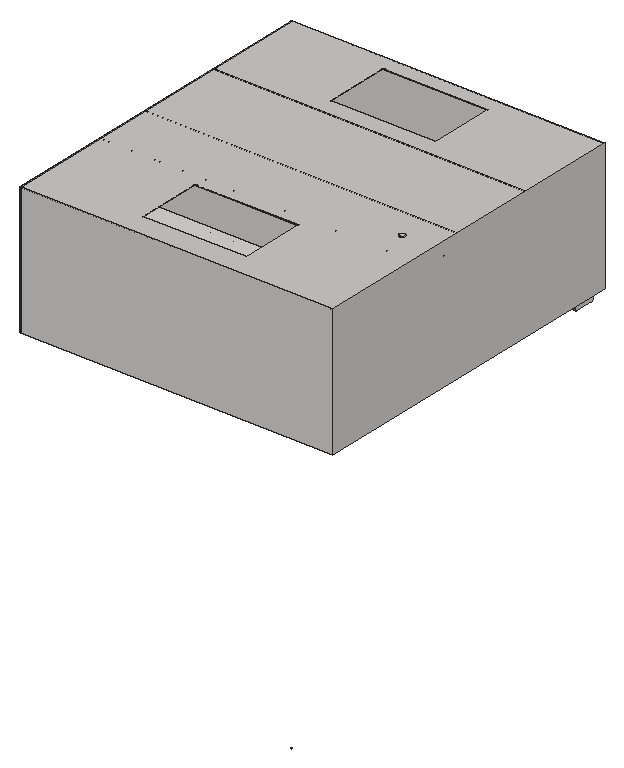
Revit family "QF_ELECTROLUXPROFESSIONAL_640227_STPF1312", category Specialty Equipment, Revit 2014
Reference planes
  plane 1: z = 0
  plane 2 "Center (Left/Right)": x = 150
  plane 3 "LEFT": x = -450
  plane 4 "RIGHT": x = 750
  plane 5 "BACK": y = 550
  plane 6 "TOP": z = 2500
  plane 7 "Base": z = 2000
  plane 8: z = 1955
  plane 9 "DrainY": y = 490
  plane 10: x = -447
  plane 11 "DrainX": x = 630
  plane 12 "AOLeft2": x = 350
  plane 13: x = 747
  plane 14: x = -250
  plane 15: x = 550
  plane 16 "Center (Front/Back)": y = -100
  plane 17 "Front": y = -750
  plane 18 "AOLeft1": x = -50
  plane 19: y = -664
  plane 20: y = -414
  plane 21: y = 240
  plane 22: y = 490
  plane 23 "EI_y": y = -270
  plane 24 "EIx": x = 630
Forms (mm)
  Extrusion 1, solid, material "QF_Finishes_Stainless Steel"
    sketch origin (-450, 0, 360) x (0, 1, 0) y (0, 0, 1)
      loop
        line (550, 1640) -> (550, 2140) -> (-750, 2140) -> (-750, 1640) -> (550, 1640)
    from 0 to 3
  Extrusion 2, solid, material "QF_Finishes_Stainless Steel"
    sketch origin (750, 0, 360) x (0, 1, 0) y (0, 0, 1)
      loop
        line (550, 1640) -> (550, 2140) -> (-750, 2140) -> (-750, 1640) -> (550, 1640)
    from 0 to -3
  Extrusion 3, solid, material "QF_Finishes_Stainless Steel"
    sketch origin (150, 0, 360) x (0, 1, 0) y (0, 0, 1)
      loop
        line (-750, 2140) -> (-750, 1640) -> (-740, 1640) -> (-740, 1640.8) -> (-749.2, 1640.8) -> (-749.2, 2139.19) -> (549.2, 2139.19) -> (549.2, 1640.8) -> (540, 1640.8) -> (540, 1640) -> (550, 1640) -> (550, 2140) -> (-750, 2140)
    from -600 to 600
  Extrusion 4, solid, material "QF_Finishes_Stainless Steel"
    sketch origin (0, 0, 2000) x (0, 1, 0) y (-1, 0, 0)
      loop
        circle (490, -630) r 4.763
    from -30 to 0
  Extrusion 5, void
    sketch origin (0, 0, 2500) x (0, 1, 0) y (-1, 0, 0)
      loop
        line (-414, -350) -> (-414, 50) -> (-664, 50) -> (-664, -350) -> (-414, -350)
    from 0 to -10
  Extrusion 6, solid, material "QF_Finishes_Stainless Steel"
    sketch origin (0, 0, 0) x (1, 0, 0) y (0, 1, 0)
      loop
        line (-450, 550) -> (-450, 549) -> (-449, 549) -> (-449, 550) -> (-450, 550)
    from 0 to 1
  Extrusion 7, solid, material "QF_LAMPS"
    sketch origin (150, 0, 360) x (0, 1, 0) y (0, 0, 1)
      loop
        line (-372.823, 1962.324) -> (-218.948, 2086.929) -> (-227.129, 2097.032) -> (-381.003, 1972.426) -> (-372.823, 1962.324)
    from 597 to -597
  Extrusion 8, solid, material "QF_Finishes_Stainless Steel"
    sketch origin (150, 0, 360) x (0, 1, 0) y (0, 0, 1)
      loop
        line (-750, 2139.19) -> (-750, 1640) -> (-686.602, 1640) -> (-599.146, 1690.493) -> (-610.058, 1709.394) -> (-666.564, 1676.77) -> (-714.704, 1680.982) -> (-749.2, 1730.248) -> (-749.2, 2139.19) -> (-750, 2139.19)
      loop
        line (-373.6, 1961.694) -> (-381.937, 1971.99) -> (-369.095, 1982.182) -> (-369.095, 2139.19) -> (-369.895, 2139.19) -> (-369.895, 1982.569) -> (-682.298, 1734.63) -> (-671.091, 1720.79) -> (-373.6, 1961.694)
      loop
        line (-227.61, 2099.216) -> (-218.171, 2087.559) -> (-154.411, 2139.19) -> (-155.682, 2139.19) -> (-218.052, 2088.684) -> (-226.989, 2099.719) -> (-227.61, 2099.216)
    from -597 to 597
  Sweep 9, solid, material "QF_Finishes_Stainless Steel"
    path origin (0, 0, 0) x (1, 0, 0) y (0, 1, 0)
      loop
        line (750, 550) -> (-450, 550) -> (-450, -750) -> (750, -750) -> (750, 550)
    profile origin (750, -100, 0) x (1, 0, 0) y (0, 0, 1)
      loop
        line (-3, 2000) -> (-3, 2000.8) -> (-19, 2000.8) -> (-19, 2010) -> (-20, 2010) -> (-20, 2000) -> (-3, 2000)
  Extrusion 10, solid, material "QF_Finishes_Stainless Steel"
    sketch origin (150, 0, 0) x (0, 1, 0) y (0, 0, 1)
      loop
        line (414.66, 2095.469) -> (440.643, 2110.471) -> (261.744, 2411.771) -> (235.948, 2396.455) -> (414.66, 2095.469)
    from -597 to -400
  Extrusion 11, solid, material "QF_Finishes_Stainless Steel"
    sketch origin (630, 0, 0) x (0, 1, 0) y (0, 0, 1)
      loop
        line (539, 2000) -> (441, 2000) -> (441, 1989) -> (448.5, 1989) -> (448.5, 1965)
        arc (448.5, 1965) -> (451.429, 1957.929) -> (458.5, 1955) r 10
        line (458.5, 1955) -> (521.5, 1955)
        arc (521.5, 1955) -> (528.571, 1957.929) -> (531.5, 1965) r 10
        line (531.5, 1965) -> (531.5, 1989) -> (539, 1989) -> (539, 2000)
    from 90 to -90
  Extrusion 12, solid, material "QF_Finishes_Stainless Steel"
    sketch origin (150, 0, 360) x (0, 1, 0) y (0, 0, 1)
      loop
        line (-750, 2139.19) -> (-750, 1640) -> (-686.602, 1640) -> (-599.146, 1690.493) -> (-610.058, 1709.394) -> (-666.564, 1676.77) -> (-714.704, 1680.982) -> (-749.2, 1730.248) -> (-749.2, 2139.19) -> (-750, 2139.19)
      loop
        line (-373.6, 1961.694) -> (-381.937, 1971.99) -> (-369.095, 1982.182) -> (-369.095, 2139.19) -> (-369.895, 2139.19) -> (-369.895, 1982.569) -> (-682.298, 1734.63) -> (-671.091, 1720.79) -> (-373.6, 1961.694)
      loop
        line (-227.61, 2099.216) -> (-218.171, 2087.559) -> (-154.411, 2139.19) -> (-155.682, 2139.19) -> (-218.052, 2088.684) -> (-226.989, 2099.719) -> (-227.61, 2099.216)
    from -597 to 597
  Extrusion 13, solid, material "QF_Finishes_Stainless Steel"
    sketch origin (150, 0, 0) x (0, 1, 0) y (0, 0, 1)
      loop
        line (414.66, 2095.469) -> (440.643, 2110.471) -> (261.744, 2411.771) -> (235.948, 2396.455) -> (414.66, 2095.469)
    from 400 to 597
  Extrusion 14, solid, material "QF_Finished_Chrome"
    sketch origin (150, 0, 0) x (0, 1, 0) y (0, 0, 1)
      loop
        line (414.66, 2095.469) -> (440.643, 2110.471) -> (261.744, 2411.771) -> (235.948, 2396.455) -> (414.66, 2095.469)
    from -400 to 400
  Extrusion 15, void
    sketch origin (0, 1180, 2500) x (0, 1, 0) y (-1, 0, 0)
      loop
        line (-690, -350) -> (-690, 50) -> (-940, 50) -> (-940, -350) -> (-690, -350)
    from 0 to -10
  Extrusion 16, solid, material "QF_Finishes_Stainless Steel"
    sketch origin (0, 0, 2500) x (0, 1, 0) y (-1, 0, 0)
      loop
        circle (-270, -630) r 10
    from 0 to 1.6
  Extrusion 17, solid, material "QF_Finishes_Stainless Steel"
    sketch origin (150, 0, 360) x (0, 1, 0) y (0, 0, 1)
      loop
        line (430.005, 1640) -> (540, 1640) -> (540, 1640.8) -> (430.467, 1640.8) -> (371.906, 1742.23) -> (414.858, 1734.657) -> (442.266, 1750.481) -> (442.266, 1765.943) -> (441.466, 1765.943) -> (441.466, 1750.943) -> (414.709, 1735.495) -> (321.153, 1751.991) -> (320.875, 1750.416) -> (371.4, 1741.507) -> (430.005, 1640)
      loop
        line (172.529, 2139.19) -> (242.893, 2017.316) -> (245.133, 2018.715) -> (240.13, 2027.381) -> (238.569, 2026.405) -> (173.453, 2139.19) -> (172.529, 2139.19)
    from -597 to 597
Cuts and joins
  Extrusion 5, Extrusion 15 cuts Extrusion 3
  joined: Extrusion 2, Extrusion 3, Sweep 9
Lines and regions (mm)
  symbolic lines, style "SpecialityEquipment", detail levels coarse
    curve 1: line (750, 550, 2500) -> (-450, 550, 2500)
    curve 2: line (-450, 550, 2500) -> (-450, -750, 2500)
    curve 3: line (750, -750, 2500) -> (750, 550, 2500)
    curve 4: line (-450, 550, 0) -> (750, -750, 0)
    curve 5: line (750, 550, 0) -> (-450, -750, 0)
    curve 6: line (-450, -750, 0) -> (750, -750, 0)
    curve 7: line (350, -414, 0) -> (-50, -414, 0)
    curve 8: line (350, -664, 0) -> (350, -414, 0)
    curve 9: line (-50, -664, 0) -> (350, -664, 0)
    curve 10: line (-50, -414, 0) -> (-50, -664, 0)
  symbolic lines, detail levels coarse
    curve 11: line (-50, 240, 2500) -> (350, 240, 2500)
    curve 12: line (-50, 490, 2500) -> (-50, 240, 2500)
    curve 13: line (350, 490, 2500) -> (-50, 490, 2500)
    curve 14: line (350, 240, 2500) -> (350, 490, 2500)
Dimensions and locks
  plane 3 "LEFT" to plane 4 "RIGHT" = 1200 mm
  equal spacing: plane 3 "LEFT", plane 2 "Center (Left/Right)", plane 4 "RIGHT"
  plane 7 "Base" to plane 8 = 45 mm
  plane 5 "BACK" to plane 9 "DrainY" = 60 mm  (x2)
  plane 3 "LEFT" to plane 10 = 3 mm
  plane 11 "DrainX" to plane 4 "RIGHT" = 120 mm
  plane 13 to plane 4 "RIGHT" = 3 mm
  plane 3 "LEFT" to plane 14 = 200 mm
  plane 15 to plane 4 "RIGHT" = 200 mm
  locked: plane 7 "Base" to level at 2000
  locked: plane 6 "TOP" to plane 7 "Base" at 500
  locked: plane 5 "BACK" to plane 17 "Front" at 1300
  equal spacing: plane 5 "BACK", plane 16 "Center (Front/Back)", plane 17 "Front"
  locked: plane 20 to plane 19 at 250
  plane 19 to plane 17 "Front" = 86 mm
  locked: plane 22 to plane 21 at 250
  plane 5 "BACK" to plane 22 = 60 mm
  locked: plane 23 "EI_y" to plane 17 "Front" at 480
  locked: plane 24 "EIx" to plane 4 "RIGHT" at 120
  locked: plane 18 "AOLeft1" to plane 12 "AOLeft2" at 400
  equal spacing: plane 18 "AOLeft1", plane 2 "Center (Left/Right)", plane 12 "AOLeft2"
  plane 5 "BACK" to plane 17 "Front" = 1300 mm
  aligned and locked: level to plane 1
  aligned and locked: plane 4 "RIGHT" to Extrusion 3
  aligned and locked: Extrusion 3 to plane 3 "LEFT"
  aligned and locked: Extrusion 2 to plane 13
  aligned and locked: Extrusion 10 to plane 10
  aligned and locked: Extrusion 8 to plane 10
  aligned and locked: plane 13 to Extrusion 8
  aligned and locked: Extrusion 5 to plane 18 "AOLeft1"
  aligned and locked: Extrusion 5 to plane 12 "AOLeft2"
  aligned and locked: plane 14 to Extrusion 10
  aligned and locked: plane 15 to Extrusion 13
  aligned and locked: plane 13 to Extrusion 13
  aligned and locked: Extrusion 14 to plane 14
  aligned and locked: Extrusion 14 to plane 15
  aligned and locked: plane 13 to Extrusion 7
  aligned and locked: Extrusion 7 to plane 10
  aligned and locked: Extrusion 15 to plane 21
  aligned and locked: plane 22 to Extrusion 15
  aligned and locked: Extrusion 15 to plane 18 "AOLeft1"
  aligned and locked: Extrusion 15 to plane 12 "AOLeft2"
  aligned and locked: Extrusion 17 to plane 10
  aligned and locked: plane 13 to Extrusion 17
  aligned and locked: plane 13 to Extrusion 12
  aligned and locked: Extrusion 12 to plane 10
  aligned and locked: cut or joined group of Extrusion 2, Extrusion 3, Extrusion 5, Sweep 9, Extrusion 15 to curve 7
  aligned and locked: cut or joined group of Extrusion 2, Extrusion 3, Extrusion 5, Sweep 9, Extrusion 15 to plane 19
  aligned and locked: curve 9 to plane 19
Automatic sketch dimensions
  curve 6 to plane 3 "LEFT" = 0 mm
  curve 4 to plane 3 "LEFT" = 0 mm
  curve 10 to plane 18 "AOLeft1" = 0 mm
  curve 8 to plane 12 "AOLeft2" = 0 mm
  curve 5 to plane 4 "RIGHT" = 0 mm
  curve 6 to plane 4 "RIGHT" = 0 mm
  curve 4 to plane 17 "Front" = 0 mm
  curve 4 to plane 5 "BACK" = 0 mm
  curve 5 to plane 5 "BACK" = 0 mm
  curve 2 to plane 3 "LEFT" = 0 mm
  curve 2 to plane 17 "Front" = 0 mm
  curve 3 to plane 4 "RIGHT" = 0 mm
  curve 3 to plane 17 "Front" = 0 mm
  curve 2 to plane 5 "BACK" = 0 mm
  Extrusion 1 sketch curve to plane 7 "Base" = 0 mm
  Extrusion 1 sketch curve to plane 17 "Front" = 0 mm
  Extrusion 1 sketch curve to plane 5 "BACK" = 0 mm
  Extrusion 1 sketch curve to plane 6 "TOP" = 0 mm
  Extrusion 2 sketch curve to plane 7 "Base" = 0 mm
  Extrusion 2 sketch curve to plane 17 "Front" = 0 mm
  Extrusion 2 sketch curve to plane 5 "BACK" = 0 mm
  Extrusion 2 sketch curve to plane 6 "TOP" = 0 mm
  Extrusion 3 sketch curve to plane 6 "TOP" = 0 mm
  Extrusion 3 sketch curve to plane 17 "Front" = 0 mm
  Extrusion 3 sketch curve to plane 7 "Base" = 0 mm  (x2)
  Extrusion 3 sketch curve to plane 5 "BACK" = 0 mm
  plane 17 "Front" to Extrusion 3 sketch curve = 0.8 mm
  Extrusion 3 sketch curve to Extrusion 3 sketch curve = 9.2 mm
  plane 7 "Base" to Extrusion 3 sketch curve = 0.8 mm  (x2)
  Extrusion 3 sketch curve to plane 5 "BACK" = 10 mm
  Extrusion 3 sketch curve to plane 5 "BACK" = 0.8 mm
  Extrusion 3 sketch curve to plane 6 "TOP" = 0.81 mm
  Extrusion 4 sketch curve to plane 9 "DrainY" = 0 mm
  Extrusion 4 sketch curve to plane 11 "DrainX" = 0 mm
  Extrusion 5 sketch curve to plane 12 "AOLeft2" = 0 mm
  Extrusion 5 sketch curve to plane 18 "AOLeft1" = 0 mm
  plane 19 to Extrusion 5 sketch curve = 0 mm
  Extrusion 5 sketch curve to plane 23 "EI_y" = 144 mm
  Extrusion 6 sketch curve to plane 3 "LEFT" = 0 mm
  Extrusion 6 sketch curve to plane 5 "BACK" = 0 mm
  plane 3 "LEFT" to Extrusion 6 sketch curve = 1 mm
  Extrusion 6 sketch curve to Extrusion 6 sketch curve = 1 mm
  plane 20 to Extrusion 7 sketch curve = 32.997 mm
  Extrusion 7 sketch curve to Extrusion 7 sketch curve = 8.181 mm  (x2)
  plane 23 "EI_y" to Extrusion 7 sketch curve = 42.871 mm
  Extrusion 7 sketch curve to plane 6 "TOP" = 177.676 mm
  Extrusion 7 sketch curve to Extrusion 7 sketch curve = 10.102 mm
  Extrusion 7 sketch curve to plane 6 "TOP" = 53.071 mm
  Extrusion 7 sketch curve to Extrusion 7 sketch curve = 10.103 mm
  Extrusion 8 sketch curve to plane 7 "Base" = 0 mm
  Extrusion 8 sketch curve to plane 17 "Front" = 0 mm
  Extrusion 8 sketch curve to Extrusion 8 sketch curve = 0.8 mm  (x2)
  plane 17 "Front" to Extrusion 8 sketch curve = 35.296 mm
  Extrusion 8 sketch curve to plane 19 = 22.602 mm
  Extrusion 8 sketch curve to plane 19 = 18.298 mm
  Extrusion 8 sketch curve to plane 19 = 7.091 mm
  Extrusion 8 sketch curve to plane 19 = 2.564 mm
  plane 19 to Extrusion 8 sketch curve = 53.942 mm
  Extrusion 8 sketch curve to Extrusion 8 sketch curve = 10.912 mm
  plane 20 to Extrusion 8 sketch curve = 32.063 mm
  Extrusion 8 sketch curve to Extrusion 8 sketch curve = 8.337 mm
  Extrusion 8 sketch curve to Extrusion 8 sketch curve = 12.042 mm
  plane 23 "EI_y" to Extrusion 8 sketch curve = 42.39 mm
  Extrusion 8 sketch curve to Extrusion 8 sketch curve = 0.622 mm
  Extrusion 8 sketch curve to Extrusion 8 sketch curve = 9.44 mm
  Extrusion 8 sketch curve to Extrusion 8 sketch curve = 0.118 mm
  Extrusion 8 sketch curve to plane 6 "TOP" = 0.81 mm  (x3)
  Extrusion 8 sketch curve to plane 16 "Center (Front/Back)" = 55.682 mm
  Extrusion 8 sketch curve to Extrusion 8 sketch curve = 1.271 mm
  plane 7 "Base" to Extrusion 8 sketch curve = 36.77 mm
  plane 7 "Base" to Extrusion 8 sketch curve = 40.982 mm
  plane 7 "Base" to Extrusion 8 sketch curve = 50.493 mm
  Extrusion 8 sketch curve to Extrusion 8 sketch curve = 18.901 mm
  Extrusion 8 sketch curve to Extrusion 8 sketch curve = 44.02 mm
  Extrusion 8 sketch curve to Extrusion 8 sketch curve = 49.266 mm
  Extrusion 8 sketch curve to Extrusion 8 sketch curve = 13.84 mm
  Extrusion 8 sketch curve to plane 6 "TOP" = 178.306 mm
  Extrusion 8 sketch curve to Extrusion 8 sketch curve = 10.296 mm
  Extrusion 8 sketch curve to Extrusion 8 sketch curve = 10.192 mm
  Extrusion 8 sketch curve to Extrusion 8 sketch curve = 0.386 mm
  Extrusion 8 sketch curve to plane 6 "TOP" = 52.441 mm
  Extrusion 8 sketch curve to Extrusion 8 sketch curve = 1.125 mm
  Sweep 9 sketch curve to plane 3 "LEFT" = 0 mm
  Sweep 9 sketch curve to plane 4 "RIGHT" = 0 mm
  Sweep 9 sketch curve to plane 17 "Front" = 0 mm
  Sweep 9 sketch curve to plane 5 "BACK" = 0 mm
  profile plane to Sweep 9 sketch curve = 20 mm
  Sweep 9 sketch curve to Sweep 9 sketch curve = 1 mm
  profile plane to Sweep 9 sketch curve = 3 mm
  level to Sweep 9 sketch curve = 2000 mm
  Sweep 9 sketch curve to Sweep 9 sketch curve = 0.8 mm
  Sweep 9 sketch curve to Sweep 9 sketch curve = 9.2 mm
  Extrusion 10 sketch curve to plane 21 = 4.052 mm
  plane 21 to Extrusion 10 sketch curve = 21.744 mm
  Extrusion 10 sketch curve to plane 9 "DrainY" = 75.34 mm
  Extrusion 10 sketch curve to Extrusion 10 sketch curve = 25.983 mm
  plane 7 "Base" to Extrusion 10 sketch curve = 95.469 mm
  Extrusion 10 sketch curve to Extrusion 10 sketch curve = 15.001 mm
  Extrusion 10 sketch curve to plane 6 "TOP" = 103.545 mm
  Extrusion 10 sketch curve to Extrusion 10 sketch curve = 15.316 mm
  Extrusion 12 sketch curve to plane 7 "Base" = 0 mm
  Extrusion 12 sketch curve to plane 17 "Front" = 0 mm
  Extrusion 12 sketch curve to Extrusion 12 sketch curve = 0.8 mm  (x2)
  plane 17 "Front" to Extrusion 12 sketch curve = 35.296 mm
  Extrusion 12 sketch curve to plane 19 = 22.602 mm
  Extrusion 12 sketch curve to plane 19 = 18.298 mm
  Extrusion 12 sketch curve to plane 19 = 7.091 mm
  Extrusion 12 sketch curve to plane 19 = 2.564 mm
  plane 19 to Extrusion 12 sketch curve = 53.942 mm
  Extrusion 12 sketch curve to Extrusion 12 sketch curve = 10.912 mm
  plane 20 to Extrusion 12 sketch curve = 32.063 mm
  Extrusion 12 sketch curve to Extrusion 12 sketch curve = 8.337 mm
  Extrusion 12 sketch curve to plane 6 "TOP" = 0.81 mm  (x3)
  plane 20 to Extrusion 12 sketch curve = 44.105 mm
  plane 23 "EI_y" to Extrusion 12 sketch curve = 42.39 mm
  Extrusion 12 sketch curve to Extrusion 12 sketch curve = 0.622 mm
  Extrusion 12 sketch curve to Extrusion 12 sketch curve = 9.44 mm
  Extrusion 12 sketch curve to Extrusion 12 sketch curve = 0.118 mm
  Extrusion 12 sketch curve to plane 16 "Center (Front/Back)" = 55.682 mm
  Extrusion 12 sketch curve to Extrusion 12 sketch curve = 1.271 mm
  plane 7 "Base" to Extrusion 12 sketch curve = 36.77 mm
  plane 7 "Base" to Extrusion 12 sketch curve = 40.982 mm
  plane 7 "Base" to Extrusion 12 sketch curve = 50.493 mm
  Extrusion 12 sketch curve to Extrusion 12 sketch curve = 18.901 mm
  Extrusion 12 sketch curve to Extrusion 12 sketch curve = 44.02 mm
  Extrusion 12 sketch curve to Extrusion 12 sketch curve = 49.266 mm
  Extrusion 12 sketch curve to Extrusion 12 sketch curve = 13.84 mm
  Extrusion 12 sketch curve to Extrusion 12 sketch curve = 177.496 mm
  Extrusion 12 sketch curve to Extrusion 12 sketch curve = 10.296 mm
  Extrusion 12 sketch curve to Extrusion 12 sketch curve = 10.192 mm
  Extrusion 12 sketch curve to Extrusion 12 sketch curve = 0.386 mm
  Extrusion 12 sketch curve to plane 6 "TOP" = 52.441 mm
  Extrusion 12 sketch curve to Extrusion 12 sketch curve = 1.125 mm
  Extrusion 13 sketch curve to plane 21 = 4.052 mm
  plane 21 to Extrusion 13 sketch curve = 21.744 mm
  Extrusion 13 sketch curve to plane 9 "DrainY" = 75.34 mm
  Extrusion 13 sketch curve to Extrusion 13 sketch curve = 25.983 mm
  plane 7 "Base" to Extrusion 13 sketch curve = 95.469 mm
  Extrusion 13 sketch curve to Extrusion 13 sketch curve = 15.001 mm
  Extrusion 13 sketch curve to plane 6 "TOP" = 103.545 mm
  Extrusion 13 sketch curve to Extrusion 13 sketch curve = 15.316 mm
  Extrusion 14 sketch curve to plane 21 = 4.052 mm
  plane 21 to Extrusion 14 sketch curve = 21.744 mm
  Extrusion 14 sketch curve to plane 9 "DrainY" = 75.34 mm
  Extrusion 14 sketch curve to Extrusion 14 sketch curve = 25.983 mm
  plane 7 "Base" to Extrusion 14 sketch curve = 95.469 mm
  Extrusion 14 sketch curve to Extrusion 14 sketch curve = 15.001 mm
  Extrusion 14 sketch curve to plane 6 "TOP" = 103.545 mm
  Extrusion 14 sketch curve to Extrusion 14 sketch curve = 15.316 mm
  Extrusion 15 sketch curve to plane 12 "AOLeft2" = 0 mm
  Extrusion 15 sketch curve to plane 21 = 0 mm
  Extrusion 15 sketch curve to plane 9 "DrainY" = 0 mm
  Extrusion 15 sketch curve to plane 18 "AOLeft1" = 0 mm
  Extrusion 16 sketch curve to plane 23 "EI_y" = 0 mm
  Extrusion 16 sketch curve to plane 24 "EIx" = 0 mm
  Extrusion 17 sketch curve to plane 7 "Base" = 0 mm
  Extrusion 17 sketch curve to plane 9 "DrainY" = 47.734 mm
  Extrusion 17 sketch curve to Extrusion 17 sketch curve = 0.8 mm
  plane 9 "DrainY" to Extrusion 17 sketch curve = 50 mm
  plane 7 "Base" to Extrusion 17 sketch curve = 0.8 mm
  Extrusion 17 sketch curve to Extrusion 17 sketch curve = 109.533 mm
  Extrusion 17 sketch curve to Extrusion 17 sketch curve = 0.462 mm  (x2)
  Extrusion 17 sketch curve to Extrusion 17 sketch curve = 26.608 mm
  Extrusion 17 sketch curve to Extrusion 17 sketch curve = 0.148 mm
  Extrusion 17 sketch curve to Extrusion 17 sketch curve = 42.803 mm
  Extrusion 17 sketch curve to Extrusion 17 sketch curve = 0.506 mm
  Extrusion 17 sketch curve to Extrusion 17 sketch curve = 50.247 mm
  Extrusion 17 sketch curve to Extrusion 17 sketch curve = 0.278 mm
  plane 21 to Extrusion 17 sketch curve = 5.133 mm
  Extrusion 17 sketch curve to Extrusion 17 sketch curve = 2.24 mm
  plane 21 to Extrusion 17 sketch curve = 0.13 mm
  Extrusion 17 sketch curve to plane 21 = 1.431 mm
  Extrusion 17 sketch curve to plane 6 "TOP" = 0.81 mm
  Extrusion 17 sketch curve to plane 21 = 66.547 mm
  Extrusion 17 sketch curve to Extrusion 17 sketch curve = 0.924 mm
  plane 7 "Base" to Extrusion 17 sketch curve = 94.657 mm
  Extrusion 17 sketch curve to Extrusion 17 sketch curve = 0.838 mm
  Extrusion 17 sketch curve to Extrusion 17 sketch curve = 6.012 mm
  Extrusion 17 sketch curve to Extrusion 17 sketch curve = 0.723 mm
  Extrusion 17 sketch curve to Extrusion 17 sketch curve = 14.986 mm
  Extrusion 17 sketch curve to Extrusion 17 sketch curve = 15 mm
  Extrusion 17 sketch curve to plane 6 "TOP" = 122.684 mm
  Extrusion 17 sketch curve to Extrusion 17 sketch curve = 1.399 mm
  Extrusion 17 sketch curve to Extrusion 17 sketch curve = 9.089 mm
  Extrusion 17 sketch curve to Extrusion 17 sketch curve = 0.975 mm
  curve 11 to plane 18 "AOLeft1" = 0 mm
  curve 11 to plane 21 = 0 mm
  curve 12 to plane 9 "DrainY" = 0 mm
  curve 11 to plane 12 "AOLeft2" = 0 mm
  Extrusion 11 sketch curve to plane 8 = 0 mm
  Extrusion 11 sketch curve to plane 7 "Base" = 11 mm  (x2)
  Extrusion 11 sketch curve to plane 9 "DrainY" = 49 mm
  Extrusion 11 sketch curve to Extrusion 11 sketch curve = 7.5 mm  (x2)
  Extrusion 11 sketch curve to Extrusion 11 sketch curve = 10 mm
  Extrusion 11 sketch curve to plane 5 "BACK" = 28.5 mm
  Extrusion 11 sketch curve to plane 5 "BACK" = 18.5 mm
  plane 7 "Base" to Extrusion 11 sketch curve = 0 mm
  radius of Extrusion 4 sketch curve = 4.763 mm
  radius of Extrusion 16 sketch curve = 10 mm
Connectors
  piping at (630, 490, 1970), diameter 9.5
    settings: on Extrusion 4, index 1, connector inside diameter 609.6 mm, connector length 0 mm, flow factor 0, pipe flow 0.0 L/s, pressure drop 0.0 Pa, fitting loss kfactor 0, connector angle 0.00°, fixture units 0, engagement length 0 mm, angle of deflection 0.00°, flow configuration 1, flow direction 2, fitting loss method 0, system type 16, joint type 0, gender type 0, connector reference index -1, connector utility 0, adjustable connector no, is connector primary yes, connector description "Drain"
  hvac at (150, -539, 2500)
    settings: on Extrusion 5, index 2, duct flow 0.0 L/s, flow factor 0, pres drop 0.0 Pa, loss coef 0, conn angle 0.00°, conn width 250 mm, conn height 400 mm, conn diameter 609.6 mm, duct sys type 1, conn prof type 1, flow config 1, flow direction 1, loss method 0, conn ref index -1, conn util no, is conn primary yes, conn desc "AIR INLET"
  hvac at (150, 365, 2500)
    settings: on Extrusion 15, index 4, duct flow 0.0 L/s, flow factor 0, pres drop 0.0 Pa, loss coef 0, conn angle 0.00°, conn width 250 mm, conn height 400 mm, conn diameter 609.6 mm, duct sys type 3, conn prof type 1, flow config 1, flow direction 2, loss method 0, conn ref index -1, conn util no, is conn primary no, conn desc "EXHAUST OUTLET"
  electrical at (630, -270, 2501.6)
    settings: on Extrusion 16, index 6, voltage 0 V, apparent load 0 VA, apparent load phase1 0 VA, apparent load phase2 0 VA, apparent load phase3 0 VA, power factor 1, load classification "Other", number of poles 1, system type 30, power factor state 1, is connector primary yes, connector utility no, sub classification motor no, connector description "Electrical Connection"
